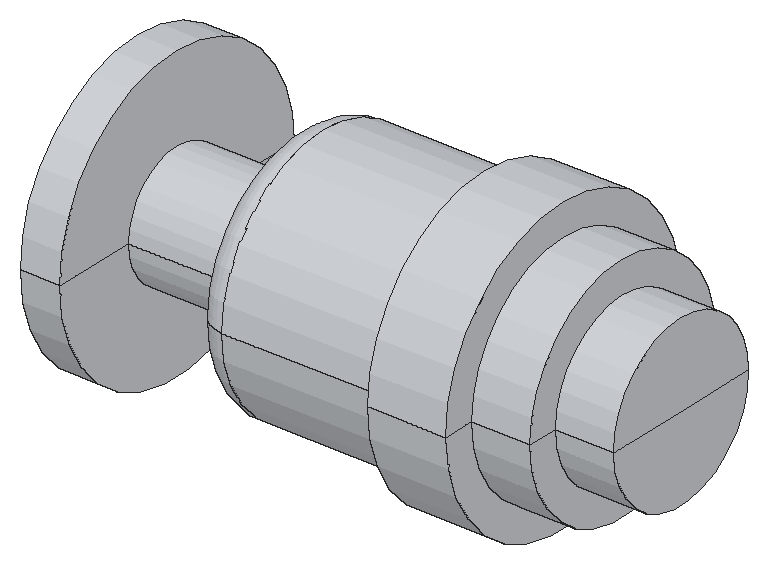
Revit family "37136d107d8245fe9c9d6935a1ed8060", category Pipe Accessories, Revit 2021
Family settings
  Round Connector Dimension = Use Radius
  Part Type = EndCap
  OmniClass Number = 23.65.55.14.17
  OmniClass Title = Adjusting/Controlling Valves for Liquid Services
  Work Plane-Based = No
  Always vertical = Yes
  Cut with Voids When Loaded = No
  Shared = No
Parameters (values of type "2"")
  Valve Material = none
  Symbol Length 1 = Valve Height * tan(30.00°) * 0.5  # 4.0065"
  Stem Radius = 0.51667"
  Flange Diameter = 7 123/256"
  Default Elevation = 0"
  Cover Radius = Cover Diameter / 2  # 3 3/4"
  Cover Diameter = 7 1/2"
  Body Radius 2 = Nominal Radius * 1.15 + 1"  # 2.15"
  Body Radius 1 = Nominal Radius * 1.05 + 1/2"  # 1.55"
  Valve Height = 13 225/256"
  Nominal Radius = 1"
  Nominal Diameter = Nominal Radius * 2  # 2"
  K Coefficient = 7
  Flange Thickness = 1"
  Flange Radius = Flange Diameter / 2  # 3.74023"
Reference planes (in)
  plane 1 "Center (Front/Back)": y = 0
  plane 2: z = 0
  plane 3 "Center (Left/Right)": x = 0
  plane 4: y = -4.0065
  plane 5: y = 4.0065
  plane 6: x = 13.87891
  plane 7: x = 1
  plane 8: x = 4
  plane 9: x = 8.87891
  plane 10: x = 9.87891
  plane 11: x = 10.87891
Forms (in)
  Revolve 1, solid, material <- "Valve Material", detail levels fine
    sketch origin (8.75, 0, 0) x (1, 0, 0) y (0, 1, 0)
      loop
        line (5.12891, 0) -> (5.12891, 2.15) -> (3.62891, 2.15) -> (3.62891, 2.95) -> (2.12891, 2.95) -> (2.12891, 3.75) -> (0.12891, 3.75) -> (0.12891, 3.24023) -> (-4, 3.24023)
        arc (-4, 3.24023) -> (-4.53033, 3.02056) -> (-4.75, 2.49023) r 0.75
        line (-4.75, 2.49023) -> (-4.75, 1.55) -> (-7.75, 1.55) -> (-7.75, 3.74023) -> (-8.75, 3.74023) -> (-8.75, 0) -> (5.12891, 0)
      axis (-8.75, 0) -> (5.12891, 0)
    angle from 0 to 360
Lines and regions (in)
  reference lines, not visible
    curve 1: line (0, 0, 0) -> (0.86036, 0, -1.22873)
  model lines, detail levels coarse+medium
    curve 2: line (0, 4.0065, 0) -> (0, -4.0065, 0)
    curve 3: line (13.87891, 4.0065, 0) -> (13.87891, -4.0065, 0)
    curve 4: line (13.87891, -4.0065, 0) -> (0, 4.0065, 0)
    curve 5: line (0, -4.0065, 0) -> (13.87891, 4.0065, 0)
Dimensions and locks (in)
  "Symbol Length 1": plane 5 to plane 1 "Center (Front/Back)"
  "Symbol Length 1": plane 1 "Center (Front/Back)" to plane 4
  "Body Radius 1": Revolve 1 sketch curve to Revolve 1 sketch curve
  "Valve Height": plane 3 "Center (Left/Right)" to plane 6
  "Flange Thickness": plane 3 "Center (Left/Right)" to plane 7
  "Flange Thickness": plane 9 to plane 10
  "Flange Thickness": plane 10 to plane 11
  locked: plane 11 to plane 6 at 3
  locked: plane 7 to plane 8 at 3
  "Flange Radius": Revolve 1 sketch curve to Revolve 1 sketch curve
  "Cover Radius": Revolve 1 sketch curve to Revolve 1 sketch curve
  locked: Revolve 1 sketch curve to Revolve 1 sketch curve at 0.50977
  "Body Radius 2": Revolve 1 sketch curve to Revolve 1 sketch curve
  equal spacing: Revolve 1 sketch curve, Revolve 1 sketch curve, Revolve 1 sketch curve
  equal spacing: plane 11, Revolve 1 sketch curve, plane 6
  radius of Revolve 1 sketch curve = 3/4"
  aligned and locked: plane 3 "Center (Left/Right)" to curve 1
  aligned and locked: level to curve 1
  aligned and locked: plane 1 "Center (Front/Back)" to Revolve 1 sketch curve
  aligned and locked: Revolve 1 sketch curve to Revolve 1 sketch curve
  aligned and locked: plane 3 "Center (Left/Right)" to Revolve 1 sketch curve
  aligned and locked: Revolve 1 sketch curve to plane 7
  aligned and locked: Revolve 1 sketch curve to plane 6
  aligned and locked: Revolve 1 sketch curve to plane 11
  aligned and locked: plane 9 to Revolve 1 sketch curve
  aligned and locked: curve 2 to plane 3 "Center (Left/Right)"
  aligned and locked: plane 4 to curve 2
  aligned and locked: plane 5 to curve 2
  aligned and locked: plane 5 to curve 3
  aligned and locked: plane 4 to curve 3
  aligned and locked: curve 3 to plane 6
Automatic sketch dimensions
  plane 3 "Center (Left/Right)" to curve 1 = 0.86036"
  curve 1 to level = 1.22873"
  Revolve 1 sketch curve to plane 8 = 0"
  Revolve 1 sketch curve to plane 3 "Center (Left/Right)" = 10.05593"
  Revolve 1 sketch curve to Revolve 1 sketch curve = 22.44407"
Connectors (in)
  piping at (0, 0, 0), diameter 2, driven by "Nominal Radius"
    settings: on Revolve 1, index 1, connector inside diameter 24", connector length 0", flow factor 0, pipe flow 0 GPM, pressure drop 0.00 psi, fitting loss kfactor 0, connector angle 0.00°, fixture units 0, engagement length 0", angle of deflection 0.00°, flow configuration 1, flow direction 1, fitting loss method 0, system type 29, joint type 0, gender type 0, connector reference index -1, connector utility 0, adjustable connector no, is connector primary yes, connector description "Water In"
  piping at (13.87891, 0, 0), diameter 2, driven by "Nominal Radius"
    settings: on Revolve 1, index 2, connector inside diameter 24", connector length 0", flow factor 0, pipe flow 0 GPM, pressure drop 0.00 psi, fitting loss kfactor 0, connector angle 0.00°, fixture units 0, engagement length 0", angle of deflection 0.00°, flow configuration 0, flow direction 2, fitting loss method 0, system type 29, joint type 0, gender type 0, connector reference index -1, connector utility 0, adjustable connector no, is connector primary no, connector description ""
